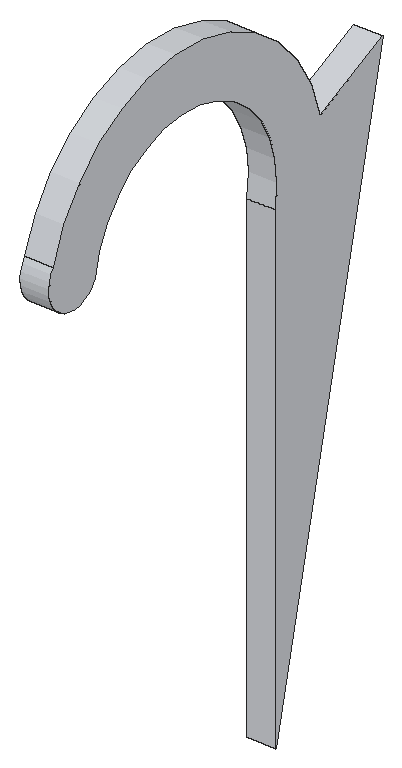
Revit family "CF1B", category Generic Models, Revit 2017
Family settings
  Can host rebar = No
  Round Connector Dimension = Use Diameter
  Part Type = Normal
  Work Plane-Based = Yes
  Always vertical = No
  Cut with Voids When Loaded = No
  Shared = No
  Room Calculation Point = No
Parameters (values of type "NBS Standard Parameters")
  Weight = "0.0135Kg"
  WarrantyStartDate [instance] = "1900-12-31T23:59:59"
  WarrantyGuarantorParts = "n/a"
  WarrantyGuarantorLabor = "n/a"
  WarrantyDurationUnit = "12 months"
  WarrantyDurationParts = "n/a"
  WarrantyDurationLabor = "n/a"
  WarrantyDescription = "n/a"
  Version = "1"
  Uniclass2 = "Pr_65_70_11_20"
  TagNumber [instance] = "n/a"
  SustainabilityPerformance = "n/a"
  Size = "20mm"
  Shape = "Flat"
  SerialNumber [instance] = "n/a"
  Revision = "n/a"
  ReplacementCost = "n/a"
  ProductInformation = "www.metpro.co.uk/pdf/CF1G.pdf"
  NominalWidth = 30 mm
  NominalLength = 59 mm
  NominalHeight = 2.5 mm
  Name = ""
  NBSTypeID = ""
  NBSReference = "90-55-10/460"
  NBSOfficeMasterTag = ""
  NBSNote = ""
  NBSDescription = "Conduit Fittings"
  NBSCertification = ""
  ModelReference = "CF1B"
  ModelNumber = "n/a"
  Material = "Pressed Steel"
  ManufacturerURL = "www.metpro.co.uk"
  ManufacturerName = "Metpro Ltd"
  Keynote = "Compliant to LU Standard 1-085"
  InstallationDate [instance] = "1900-12-31T23:59:59"
  IfcExportType = ""
  IfcExportAs = ""
  Grade = "n/a"
  Finish = "Black"
  Features = "n/a"
  ExpectedLife = "n/a"
  DurationUnit = "year"
  Description = "CF1G/B- 20mm Flat Cramept"
  Default Elevation = 1219.2 mm
  Constituents = "n/a"
  Color = "n/a"
  CodePerformance = "n/a"
  Category = "n/a"
  BarCode [instance] = "n/a"
  BIMObjectName = "Metpro_Metprolibrary_Conduitfittings_Metalcomponent_Steelaccessories"
  Author = "Metpro Limited"
  AssetType = ""
  AssetIdentifier [instance] = "n/a"
  AccessibilityPerformance = "n/a"
Reference planes
  plane 1 "Center (Front/Back)": y = 0
  plane 2: z = 0
  plane 3 "Center (Left/Right)": x = 0
Forms (mm)
  Extrusion 1, solid
    sketch origin (-10.861, 12.143, 2.675) x (0, 0, -1) y (0, -1, 0)
      loop
        line (9.542, -7.187) -> (-32.665, -7.187)
        arc (-32.665, -7.187) -> (-44.461, 1.02) -> (-35.877, 12.543) r 10
        arc (-35.877, 12.543) -> (-34.893, 16.344) -> (-38.758, 17.036) r 2.676
        arc (-38.758, 17.036) -> (-49.585, 2.191) -> (-37.914, -12.001) r 15
        line (-37.914, -12.001) -> (-41.124, -18.884) -> (9.542, -7.187)
    from 0 to 2.5
Dimensions and locks
  aligned and locked: level to plane 2
